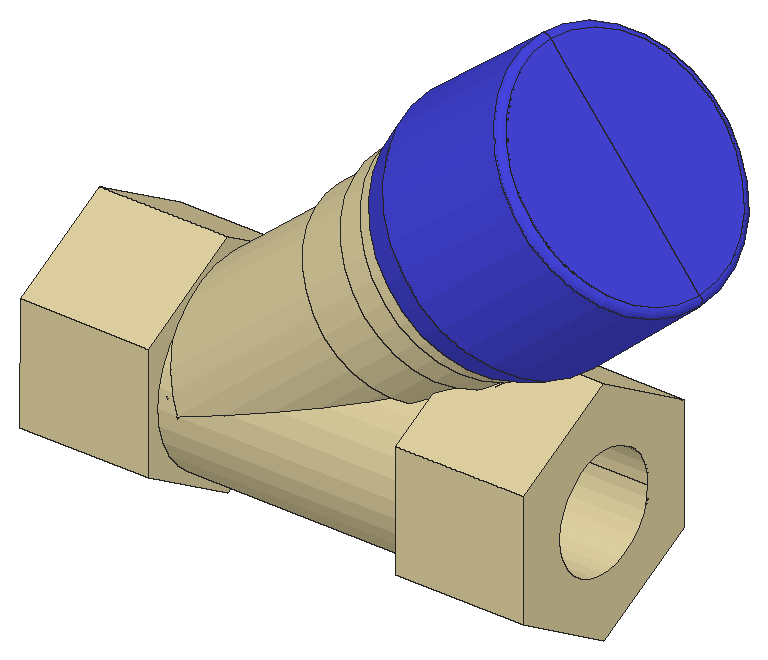
Revit family "CIM785OT", category Apparecchi idraulici, Revit 2020
Family settings
  Quota connettore circolare = Usa diametro
  Tipo di parte = Normale
  Numero OmniClass = 23.45.00.00
  Titolo OmniClass = Sanitary, Laundry, and Cleaning Equipment
  Basato su piano di lavoro = No
  Sempre verticale = Sì
  Taglio con vuoti quando caricato = No
  Condiviso = No
  Punto di calcolo locali = No
Parameters
  URL = "https://web.cimberio.com/index.php/figura/1879?subcategoria_id="
  Temperatura di esercizio = "-10 ÷ 120°C"
  Prospetto di default = 0 mm
  Produttore = "CIMBERIO SPA"
  Pressione nominale = "PN 20"
  Modello = "Cim 785OT"
  Materiale = "Prodotto in lega di ottone conforme alla norma EN 12165-CW617N-DW"
  Descrizione = "Realizzato in ottemperanza ai requisiti gestionali della norma EN ISO 9001.\r\nUtilizzato per la regolazione della temperatura degli ambienti e comandare apparecchi degli impianti di riscaldamento e condizionamento."
  DN [instance] = 15 mm
  Commenti sul tipo = "Utilizzato nei più svariati settori dell'impiantistica: impianti di riscaldamento, condizionamento, idrici, igienico-sanitari e in generale con ogni fluido non corrosivo"
Reference planes
  plane 1 "Centro (Fronte/Retro)": y = 0
  plane 2: z = 0
  plane 3 "Centro (Sinistra/Destra)": x = 0
Dimensions and locks
  aligned and locked: level to plane 2
Nested families
  nested 1: "CIM785OT1.2" at (-25, 0, 0), type "CIM785OT1.2"
Connectors
  piping at (37.5, 0, 0), diameter 15, driven by "DN"
    settings: on nested 1, index 1, connector inside diameter 609.6 mm, connector length 0 mm, flow factor 0, pipe flow 0.0 L/s, pressure drop 0.0 Pa, fitting loss kfactor 0, connector angle 0.00°, fixture units 0, engagement length 0 mm, angle of deflection 0.00°, flow configuration 0, flow direction 0, fitting loss method 0, system type 7, joint type 0, gender type 0, connector reference index -1, connector utility 0, adjustable connector no, is connector primary yes, connector description ""
  piping at (-30.5, 0, 0), diameter 15, driven by "DN"
    settings: on nested 1, index 2, connector inside diameter 609.6 mm, connector length 0 mm, flow factor 0, pipe flow 0.0 L/s, pressure drop 0.0 Pa, fitting loss kfactor 0, connector angle 0.00°, fixture units 0, engagement length 0 mm, angle of deflection 0.00°, flow configuration 0, flow direction 0, fitting loss method 0, system type 7, joint type 0, gender type 0, connector reference index -1, connector utility 0, adjustable connector no, is connector primary no, connector description ""
Definition of nested family "CIM785OT1.2"
  Parameters (values of type "CIM785OT1.2")
    URL = ""
    Temperatura di esercizio = ""
    Default Elevation = 0 mm
    Manufacturer = ""
    Pressione nominale = ""
    Model = ""
    Materiale = ""
    Description = ""
    Type Comments = ""
  Reference planes
    plane 1 "Centro (Fronte/Retro)": y = 0
    plane 2: z = 0
    plane 3 "Centro (Sinistra/Destra)": x = 0
  Forms (mm)
    Extrusion 1, solid
      sketch origin (57.876, 0, 0) x (0, 1, 0) y (0, 0, 1)
        loop
          circle (0, 0) r 7.5
        loop
          line (0, 15.5) -> (-13.423, 7.75) -> (-13.423, -7.75) -> (0, -15.5) -> (13.423, -7.75) -> (13.423, 7.75) -> (0, 15.5)
      from -63.376 to -46.067
    Extrusion 2, solid
      sketch origin (108.567, 0, 0) x (0, 1, 0) y (0, 0, 1)
        loop
          circle (0, 0) r 7.5
        loop
          line (0, 15.5) -> (-13.423, 7.75) -> (-13.423, -7.75) -> (0, -15.5) -> (13.423, -7.75) -> (13.423, 7.75) -> (0, 15.5)
      from -63.376 to -46.067
    Revolve 3, solid
      sketch origin (0, 0, 0) x (1, 0, 0) y (0, 0, 1)
        loop
          line (11.809, -12) -> (45.191, -12) -> (45.191, -7.5) -> (11.809, -7.5) -> (11.809, -12)
        axis (11.809, 0) -> (45.191, 0)
      angle from 0 to 360
    Revolve 4, solid
      sketch origin (0, 0, 0) x (1, 0, 0) y (0, 0, 1)
        loop
          line (35.278, 36.689) -> (35.185, 35.633) -> (32.313, 33.222) -> (32.313, 31.917) -> (26.827, 27.314) -> (26.827, 26.008) -> (6.788, 9.194) -> (14.502, 0) -> (46.674, 26.996) -> (37.675, 37.722) -> (36.79, 37.959) -> (35.278, 36.689)
        axis (46.674, 26.996) -> (14.502, 0)
      angle from 0 to 360
    Revolve 5, solid
      sketch origin (0, 0, 0) x (1, 0, 0) y (0, 0, 1)
        loop
          arc (55.371, 54.748) -> (54.7, 55.101) -> (53.975, 54.882) r 1
          line (53.975, 54.882) -> (39.198, 42.916) -> (36.712, 38.869) -> (46.674, 26.996) -> (65.443, 42.745) -> (55.371, 54.748)
        axis (46.674, 26.996) -> (65.443, 42.745)
      angle from 0 to 360
  Dimensions and locks
    aligned and locked: level to plane 2
